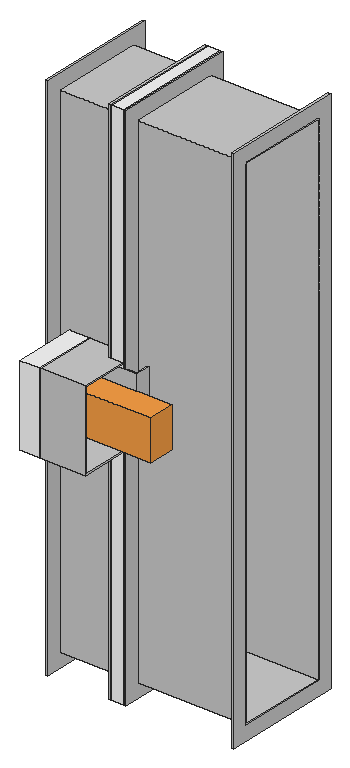
Revit family "204_ff6dc27fab7c4e9d907ed8712ea3d6", category Duct Accessories, Revit 2021
Family settings
  Round Connector Dimension = Use Diameter
  Part Type = Damper
  Work Plane-Based = No
  Always vertical = Yes
  Cut with Voids When Loaded = No
  Shared = No
Parameters (values of type "FDMA-180x1000-.40")
  magiProductId = "63c00f66e8e3438fa4595c9836deff"
  magiProductFamilyId = "ff6dc27fab7c4e9d907ed8712ea3d6"
  magiPartTypeId = 204
  ang2D [instance] = 0.00°
  W2D = 180 mm
  VersionID = "2.0/2020.12.21.1/MANDIK_FDMA_A_RECT_201"
  VIS0 = no
  URL = "https://www.mandik.cz/product-line/fire-fighting-technologies/fdma"
  R3 = 10 mm
  R2 = 15 mm
  R1 = 72 mm
  Productdata [instance] = "© MagiCAD Group, all rights reserved"
  Manufacturer = "Mandik"
  Maintenance Zone Front Depth [instance] = 100 mm
  Maintenance Zone Front Visibility [instance] = no
  MH__ve = -MH  # -53 mm
  MH2 = 140 mm
  MH1_2 = 80 mm
  MH1 = 160 mm
  MH = 53 mm
  MC Voltage = 230 V
  MC Product Code = "FDMA-180x1000-.40"
  MC Number of Poles = 1
  MC Material8 MAIN_MODEL = MC_255_255_255_0_50
  MC Material7 MAIN_MODEL = MC_255_128_0_0_50
  MC Material6 MAIN_MODEL = MC_255_255_255_0_50
  MC Material4 MAIN_MODEL = MC_210_210_210_0_50
  MC Material3 MAIN_MODEL = MC_191_191_191_0_50
  MC Material2 MAIN_MODEL = MC_191_191_191_60_50
  MC Material10 MAIN_MODEL = MC_166_124_83_0_50
  MC Material1 MAIN_MODEL = MC_0_0_0_0_50
  MC Enable LOD 350 = no
  MC Enable LOD 200 = no
  MC Eload Classification [instance] = Other
  MC CosPhi = 1
  MC Apparent Power = MC Active Power / MC CosPhi  # 5 VA
  MC Active Power = 5 W
  MB = 125 mm
  L_2 = 187.5 mm
  LLDONLY = not(BBVIS)  # yes
  LLDAndHLD = and(or(LLDONLY, MC Enable LOD 350), not(BBVIS))  # yes
  L3 = 110 mm
  L2_2 = 12.5 mm
  L2D = 375 mm
  L2 = 25 mm
  L1 = 130 mm
  L = 375 mm
  H_2 = 500 mm
  H2D = 1000 mm
  H1 = 990 mm
  H = 1000 mm
  FW1 = 49 mm
  FLL__ve = -FLL  # -5 mm
  FLL = 5 mm
  FL1 = 41 mm
  FL = 30 mm
  ENBL350 = and(MC Enable LOD 350, not(BBVIS))  # no
  Description = "Fire Damper"
  Default Elevation = 0 mm
  Clearance Zone Under Depth [instance] = 100 mm
  Clearance Zone Right Depth [instance] = 100 mm
  Clearance Zone Left Depth [instance] = 100 mm
  Clearance Zone Height Depth [instance] = 100 mm
  Clearance Zone Front Depth [instance] = 100 mm
  Clearance Zone Back Depth [instance] = 100 mm
  Clearance Zone Visibility [instance] = no
  CV = yes
  CH = 1000 mm
  CB = 180 mm
  CAT0 = yes
  CAT = no
  B_2 = 90 mm
  BBVIS = MC Enable LOD 200  # no
  B1_2 = 85 mm
  B1 = 170 mm
  B = 180 mm
  AV = yes
Reference planes
  plane 1 "Center (Front/Back)": y = 0
  plane 2 "XYPLANE": z = 0
  plane 3 "Center (Left/Right)": x = 0
  plane 4 "653": x = -122.5
  plane 5 "651": z = 78
  plane 6 "650": z = 80
  plane 7 "649": z = -78
  plane 8 "645": z = -80
  plane 9 "644": x = 95.5
  plane 10 "643": x = 65.5
  plane 11 "642": x = -94.5
  plane 12 "641": x = -45
  plane 13 "640": y = -122
  plane 14 "639": x = -7
  plane 15 "638": x = -5
  plane 16 "637": x = -90.5
  plane 17 "636": z = -70
  plane 18 "610": y = 89
  plane 19 "609": y = -89
  plane 20 "608": z = 499
  plane 21 "607": z = -499
  plane 22 "604": x = -12.5
  plane 23 "603": x = 167.5
  plane 24 "594": x = -77.5
  plane 25 "593": x = -32.5
  plane 26 "592": x = -57.5
  plane 27 "566": z = -40
  plane 28 "564": z = 40
  plane 29 "563": x = -92.5
  plane 30 "562": y = -213
  plane 31 "543": x = -72.5
  plane 32 "536": z = -508
  plane 33 "535": z = -506
  plane 34 "534": z = -503
  plane 35 "516": x = 65.5
  plane 36 "515": z = 508
  plane 37 "514": z = 506
  plane 38 "513": z = 503
  plane 39 "512": x = 55.5
  plane 40 "511": x = 72.5
  plane 41 "510": x = 25.5
  plane 42 "509": x = 15.5
  plane 43 "508": x = 5.5
  plane 44 "507": x = 77.5
  plane 45 "490": y = -315
  plane 46 "484": x = 287.5
  plane 47 "483": x = -287.5
  plane 48 "482": y = 220
  plane 49 "481": y = -315
  plane 50 "480": z = -630
  plane 51 "479": z = 630
  plane 52 "471": y = -148.5
  plane 53 "408": y = -175
  plane 54 "392": y = -215
  plane 55 "335": x = -167.5
  plane 56 "253": y = 120
  plane 57 "252": y = -120
  plane 58 "251": z = 530
  plane 59 "250": z = -530
  plane 60 "246": z = 501
  plane 61 "245": z = -501
  plane 62 "244": y = -91
  plane 63 "243": y = 91
  plane 64 "241": y = 90
  plane 65 "240": y = -90
  plane 66 "239": z = -500
  plane 67 "238": z = 500
  plane 68 "8": x = 187.5
  plane 69 "7": x = -187.5
  plane 70 "3": z = 0
  plane 71 "2": y = 0
  plane 72 "1": x = 0
  plane 73 "1168": through (95.5, -841, -80) normal (0.2588, 0, -0.9659)
Forms (mm)
  Extrusion 1, solid, material "MC_255_255_255_0_50" <- "MC Material6 MAIN_MODEL", visible <- "LLDAndHLD"
    sketch origin (-122.5, -750, 0) x (0, 1, 0) y (0, 0, 1)
      loop
        line (535, -80) -> (659, -80) -> (659, 80) -> (535, 80) -> (535, -80)
    from 0 to -40
  Extrusion 2, solid, material "MC_191_191_191_0_50" <- "MC Material3 MAIN_MODEL", visible <- "LLDAndHLD"
    sketch origin (-32.5, -750, 0) x (0, 1, 0) y (0, 0, 1)
      loop
        line (535, -80) -> (659, -80) -> (659, -78) -> (537, -78) -> (537, 78) -> (659, 78) -> (659, 80) -> (535, 80) -> (535, -80)
    from 0 to -90
  Extrusion 3, solid, material "MC_191_191_191_0_50" <- "MC Material3 MAIN_MODEL", visible <- "LLDAndHLD"
    sketch origin (-57.5, -750, 0) x (0, 1, 0) y (0, 0, 1)
      loop
        line (870, -530) -> (870, 530) -> (630, 530) -> (630, -530) -> (870, -530)
      loop
        line (841, -501) -> (841, 501) -> (659, 501) -> (659, -501) -> (841, -501)
    from 0 to -5 <- "FLL__ve"
  Extrusion 4, solid, material "MC_191_191_191_0_50" <- "MC Material3 MAIN_MODEL", visible <- "LLDAndHLD"
    sketch origin (-32.5, -750, 0) x (0, 1, 0) y (0, 0, 1)
      loop
        line (870, -530) -> (870, 530) -> (630, 530) -> (630, -530) -> (870, -530)
      loop
        line (841, -501) -> (841, 501) -> (659, 501) -> (659, -501) -> (841, -501)
    from 0 to 5 <- "FLL"
  Extrusion 5, solid, material "MC_255_255_255_0_50" <- "MC Material6 MAIN_MODEL", visible <- "LLDAndHLD"
    sketch origin (-57.5, -750, 0) x (0, 1, 0) y (0, 0, 1)
      loop
        line (870, -530) -> (870, 530) -> (630, 530) -> (630, -530) -> (870, -530)
      loop
        line (839, -499) -> (839, 499) -> (661, 499) -> (661, -499) -> (839, -499)
    from 0 to 25 <- "L2"
  Extrusion 6, solid, material "MC_191_191_191_0_50" <- "MC Material3 MAIN_MODEL", visible <- "ENBL350"
    sketch origin (750, -91, 0) x (-1, 0, 0) y (0, 0, 1)
      loop
        line (782.5, 501) -> (762.5, 530) -> (582.5, 530) -> (562.5, 501) -> (782.5, 501)
    from 0 to 2
  Extrusion 7, solid, material "MC_191_191_191_0_50" <- "MC Material3 MAIN_MODEL", visible <- "ENBL350"
    sketch origin (750, 91, 0) x (-1, 0, 0) y (0, 0, 1)
      loop
        line (782.5, 501) -> (762.5, 530) -> (582.5, 530) -> (562.5, 501) -> (782.5, 501)
    from 0 to -2
  Extrusion 8, solid, material "MC_191_191_191_0_50" <- "MC Material3 MAIN_MODEL", visible <- "ENBL350"
    sketch origin (750, 91, 0) x (-1, 0, 0) y (0, 0, 1)
      loop
        line (782.5, -501) -> (562.5, -501) -> (582.5, -530) -> (762.5, -530) -> (782.5, -501)
    from 0 to -2
  Extrusion 9, solid, material "MC_191_191_191_0_50" <- "MC Material3 MAIN_MODEL", visible <- "ENBL350"
    sketch origin (750, -91, 0) x (-1, 0, 0) y (0, 0, 1)
      loop
        line (782.5, -501) -> (562.5, -501) -> (582.5, -530) -> (762.5, -530) -> (782.5, -501)
    from 0 to 2
  Extrusion 10, solid, material "MC_191_191_191_0_50" <- "MC Material3 MAIN_MODEL", visible <- "LLDAndHLD"
    sketch origin (-750, 0, -70) x (1, 0, 0) y (0, 1, 0)
      loop
        line (745, -122) -> (745, -91) -> (743, -91) -> (743, -120) -> (659.5, -120) -> (659.5, -91) -> (657.5, -91) -> (657.5, -122) -> (745, -122)
    from 0 to 140 <- "MH2"
  Revolve 11, solid, material "MC_191_191_191_0_50" <- "MC Material3 MAIN_MODEL", visible <- "ENBL350"
    sketch origin (5.5, 0, -501) x (0, 0, 1) y (1, 0, 0)
      loop
        line (0, 0) -> (0, 10) -> (-5, 20) -> (-5, 50) -> (0, 60) -> (0, 67) -> (-2, 67) -> (-2, 60) -> (-7, 50) -> (-7, 20) -> (-2, 10) -> (-2, 0) -> (0, 0)
      axis (-7, 72) -> (0, 72)
    angle from 0 to -360
  Extrusion 12, solid, material "MC_191_191_191_0_50" <- "MC Material3 MAIN_MODEL", visible <- "ENBL350"
    sketch origin (-750, 0, -503) x (1, 0, 0) y (0, 1, 0)
      loop
        circle (827.5, 0) r 5
    from 0 to -25
  Extrusion 13, solid, material "MC_191_191_191_0_50" <- "MC Material3 MAIN_MODEL", visible <- "ENBL350"
    sketch origin (-750, 0, 503) x (1, 0, 0) y (0, 1, 0)
      loop
        circle (827.5, 0) r 5
    from 0 to 25
  Revolve 14, solid, material "MC_191_191_191_0_50" <- "MC Material3 MAIN_MODEL", visible <- "ENBL350"
    sketch origin (5.5, 0, 501) x (0, 0, -1) y (1, 0, 0)
      loop
        line (0, 0) -> (0, 10) -> (-5, 20) -> (-5, 50) -> (0, 60) -> (0, 67) -> (-2, 67) -> (-2, 60) -> (-7, 50) -> (-7, 20) -> (-2, 10) -> (-2, 0) -> (0, 0)
      axis (-7, 72) -> (0, 72)
    angle from 0 to -360
  Blend 15, solid, material "MC_191_191_191_60_50" <- "MC Material2 MAIN_MODEL", visible <- "Maintenance Zone Front Visibility"
    base sketch origin (750, -120, 0) x (-1, 0, 0) y (0, 0, 1)
      loop
        line (937.5, -530) -> (937.5, 530) -> (562.5, 530) -> (562.5, -530) -> (937.5, -530)
    top sketch origin (750, -120, 0) x (-1, 0, 0) y (0, 0, 1)
      loop
        line (937.5, -530) -> (937.5, 530) -> (562.5, 530) -> (562.5, -530) -> (937.5, -530)
    from 0 to -195
  Blend 16, solid, material "MC_191_191_191_60_50" <- "MC Material2 MAIN_MODEL", visible <- "Clearance Zone Visibility"
    base sketch origin (-287.5, -750, 0) x (0, 1, 0) y (0, 0, 1)
      loop
        line (970, -630) -> (970, 630) -> (435, 630) -> (435, -630) -> (970, -630)
    top sketch origin (-287.5, -750, 0) x (0, 1, 0) y (0, 0, 1)
      loop
        line (970, -630) -> (970, 630) -> (435, 630) -> (435, -630) -> (970, -630)
    from 0 to 575
  Extrusion 17, solid, material "MC_255_128_0_0_50" <- "MC Material7 MAIN_MODEL", visible <- "LLDONLY"
    sketch origin (750, -122, 0) x (-1, 0, 0) y (0, 0, 1)
      loop
        line (684.5, -40) -> (844.5, -40) -> (844.5, 40) -> (684.5, 40) -> (684.5, -40)
    from 0 to -53 <- "MH__ve"
  Extrusion 18, solid, material "MC_191_191_191_0_50" <- "MC Material3 MAIN_MODEL", visible <- "LLDAndHLD"
    sketch origin (-187.5, -750, 0) x (0, 1, 0) y (0, 0, 1)
      loop
        line (841, -501) -> (841, 501) -> (659, 501) -> (659, -501) -> (841, -501)
      loop
        line (840, -500) -> (840, 500) -> (660, 500) -> (660, -500) -> (840, -500)
    from 0 to 375 <- "L"
  Extrusion 19, solid, material "MC_191_191_191_0_50" <- "MC Material3 MAIN_MODEL", visible <- "ENBL350"
    sketch origin (750, 91, 0) x (-1, 0, 0) y (0, 0, 1)
      loop
        line (937.5, -501) -> (807.5, -501) -> (827.5, -530) -> (917.5, -530) -> (937.5, -501)
    from 0 to -2
  Extrusion 20, solid, material "MC_191_191_191_0_50" <- "MC Material3 MAIN_MODEL", visible <- "ENBL350"
    sketch origin (750, -91, 0) x (-1, 0, 0) y (0, 0, 1)
      loop
        line (937.5, -501) -> (807.5, -501) -> (827.5, -530) -> (917.5, -530) -> (937.5, -501)
    from 0 to 2
  Extrusion 21, solid, material "MC_191_191_191_0_50" <- "MC Material3 MAIN_MODEL", visible <- "ENBL350"
    sketch origin (750, 91, 0) x (-1, 0, 0) y (0, 0, 1)
      loop
        line (937.5, 501) -> (917.5, 530) -> (827.5, 530) -> (807.5, 501) -> (937.5, 501)
    from 0 to -2
  Extrusion 22, solid, material "MC_191_191_191_0_50" <- "MC Material3 MAIN_MODEL", visible <- "ENBL350"
    sketch origin (750, -91, 0) x (-1, 0, 0) y (0, 0, 1)
      loop
        line (937.5, 501) -> (917.5, 530) -> (827.5, 530) -> (807.5, 501) -> (937.5, 501)
    from 0 to 2
  Extrusion 23, solid, material "MC_191_191_191_0_50" <- "MC Material3 MAIN_MODEL", visible <- "LLDAndHLD"
    sketch origin (187.5, -750, 0) x (0, 1, 0) y (0, 0, 1)
      loop
        line (870, -530) -> (870, 530) -> (630, 530) -> (630, -530) -> (870, -530)
      loop
        line (841, -501) -> (841, 501) -> (659, 501) -> (659, -501) -> (841, -501)
    from 0 to -5 <- "FLL__ve"
  Extrusion 24, solid, material "MC_191_191_191_0_50" <- "MC Material3 MAIN_MODEL", visible <- "LLDAndHLD"
    sketch origin (-187.5, -750, 0) x (0, 1, 0) y (0, 0, 1)
      loop
        line (870, -530) -> (870, 530) -> (630, 530) -> (630, -530) -> (870, -530)
      loop
        line (841, -501) -> (841, 501) -> (659, 501) -> (659, -501) -> (841, -501)
    from 0 to 5 <- "FLL"
  Blend 25, solid, visible <- "BBVIS"
    base sketch origin (-187.5, -750, 0) x (0, 1, 0) y (0, 0, 1)
      loop
        line (870, -530) -> (870, 530) -> (535, 530) -> (535, -530) -> (870, -530)
    top sketch origin (-187.5, -750, 0) x (0, 1, 0) y (0, 0, 1)
      loop
        line (870, -530) -> (870, 530) -> (535, 530) -> (535, -530) -> (870, -530)
    from 0 to 375
  Extrusion 26, solid, not visible
    sketch origin (187.5, -750, 0) x (0, 1, 0) y (0, 0, 1)
      loop
        circle (750, 0) r 10
    from 0 to -10
  Extrusion 27, solid, not visible
    sketch origin (-187.5, -750, 0) x (0, 1, 0) y (0, 0, 1)
      loop
        circle (750, 0) r 10
    from 0 to 10
  Extrusion 28, solid, not visible
    sketch origin (65.5, -750, 0) x (0, 1, 0) y (0, 0, 1)
      loop
        circle (601.5, 0) r 10
    from 0 to -10
Lines and regions (mm)
  reference lines, not visible
    curve 1: circle (2, 2, 0) r 1 normal (0, 0, 1)
  reference lines
    curve 2: circle (95.5, -91, -80) r 1 normal (0, -1, 0)
Dimensions and locks
  plane 1 "Center (Front/Back)" to curve 1 = 2 mm
  locked: plane 25 "593" to plane 4 "653" at 90
  locked: plane 6 "650" to plane 5 "651" at 2
  "MH1_2": plane 70 "3" to plane 6 "650"
  locked: plane 8 "645" to plane 7 "649" at 2
  "MH1_2": plane 70 "3" to plane 8 "645"
  locked: plane 10 "643" to plane 9 "644" at 30
  locked: plane 11 "642" to plane 10 "643" at 160
  locked: plane 31 "543" to plane 11 "642" at 22
  "L2_2": plane 26 "592" to plane 12 "641"
  locked: plane 57 "252" to plane 13 "640" at 2
  locked: plane 15 "638" to plane 14 "639" at 2
  locked: plane 12 "641" to plane 15 "638" at 40
  locked: plane 29 "563" to plane 16 "637" at 2
  locked: plane 8 "645" to plane 17 "636" at 10
  locked: plane 64 "241" to plane 18 "610" at 1
  locked: plane 65 "240" to plane 19 "609" at 1
  locked: plane 67 "238" to plane 20 "608" at 1
  locked: plane 66 "239" to plane 21 "607" at 1
  locked: plane 25 "593" to plane 22 "604" at 20
  locked: plane 68 "8" to plane 23 "603" at 20
  locked: plane 26 "592" to plane 24 "594" at 20
  "L2": plane 26 "592" to plane 25 "593"
  "L1": plane 69 "7" to plane 26 "592"
  locked: plane 70 "3" to plane 27 "566" at 40
  locked: plane 70 "3" to plane 28 "564" at 40
  locked: plane 31 "543" to plane 29 "563" at 20
  locked: plane 54 "392" to plane 30 "562" at 2
  locked: plane 26 "592" to plane 31 "543" at 15
  locked: plane 33 "535" to plane 32 "536" at 2
  locked: plane 34 "534" to plane 33 "535" at 3
  locked: plane 61 "245" to plane 34 "534" at 2
  locked: plane 39 "512" to plane 35 "516" at 10
  locked: plane 37 "514" to plane 36 "515" at 2
  locked: plane 38 "513" to plane 37 "514" at 3
  locked: plane 60 "246" to plane 38 "513" at 2
  locked: plane 41 "510" to plane 39 "512" at 30
  locked: plane 44 "507" to plane 40 "511" at 5
  locked: plane 42 "509" to plane 41 "510" at 10
  locked: plane 43 "508" to plane 42 "509" at 10
  "R1": plane 44 "507" to plane 43 "508"
  "L3": plane 68 "8" to plane 44 "507"
  "Maintenance Zone Front Depth": plane 54 "392" to plane 45 "490"
  "Clearance Zone Right Depth": plane 68 "8" to plane 46 "484"
  "Clearance Zone Left Depth": plane 69 "7" to plane 47 "483"
  "Clearance Zone Back Depth": plane 56 "253" to plane 48 "482"
  "Clearance Zone Front Depth": plane 54 "392" to plane 49 "481"
  "Clearance Zone Under Depth": plane 59 "250" to plane 50 "480"
  "Clearance Zone Height Depth": plane 58 "251" to plane 51 "479"
  locked: plane 53 "408" to plane 52 "471" at 26.5
  "MH": plane 13 "640" to plane 53 "408"
  "MB": plane 65 "240" to plane 54 "392"
  locked: plane 69 "7" to plane 55 "335" at 20
  "FL": plane 64 "241" to plane 56 "253"
  "FL": plane 65 "240" to plane 57 "252"
  "FL": plane 67 "238" to plane 58 "251"
  "FL": plane 66 "239" to plane 59 "250"
  locked: plane 67 "238" to plane 60 "246" at 1
  locked: plane 66 "239" to plane 61 "245" at 1
  locked: plane 65 "240" to plane 62 "244" at 1
  locked: plane 64 "241" to plane 63 "243" at 1
  "B_2": plane 71 "2" to plane 64 "241"
  "B_2": plane 71 "2" to plane 65 "240"
  "H_2": plane 70 "3" to plane 66 "239"
  "H_2": plane 70 "3" to plane 67 "238"
  "L_2": plane 72 "1" to plane 68 "8"
  "L_2": plane 72 "1" to plane 69 "7"
  locked: plane 2 "XYPLANE" to plane 70 "3"
  locked: plane 1 "Center (Front/Back)" to plane 71 "2"
  locked: plane 3 "Center (Left/Right)" to plane 72 "1"
  Extrusion 1 sketch curve to Extrusion 1 sketch curve = 0 mm  (x8)
  Extrusion 2 sketch curve to Extrusion 2 sketch curve = 0 mm  (x16)
  Extrusion 3 sketch curve to Extrusion 3 sketch curve = 0 mm  (x16)
  Extrusion 4 sketch curve to Extrusion 4 sketch curve = 0 mm  (x16)
  Extrusion 5 sketch curve to Extrusion 5 sketch curve = 0 mm  (x16)
  Extrusion 6 sketch curve to Extrusion 6 sketch curve = 0 mm  (x8)
  Extrusion 7 sketch curve to Extrusion 7 sketch curve = 0 mm  (x8)
  Extrusion 8 sketch curve to Extrusion 8 sketch curve = 0 mm  (x8)
  Extrusion 9 sketch curve to Extrusion 9 sketch curve = 0 mm  (x8)
  Extrusion 10 sketch curve to Extrusion 10 sketch curve = 0 mm  (x16)
  Revolve 11 sketch curve to Revolve 11 sketch curve = 0 mm  (x24)
  Revolve 14 sketch curve to Revolve 14 sketch curve = 0 mm  (x24)
  Blend 15 sketch curve to Blend 15 sketch curve = 0 mm  (x16)
  Blend 16 sketch curve to Blend 16 sketch curve = 0 mm  (x16)
  Extrusion 17 sketch curve to Extrusion 17 sketch curve = 0 mm  (x8)
  Extrusion 18 sketch curve to Extrusion 18 sketch curve = 0 mm  (x16)
  Extrusion 19 sketch curve to Extrusion 19 sketch curve = 0 mm  (x8)
  Extrusion 20 sketch curve to Extrusion 20 sketch curve = 0 mm  (x8)
  Extrusion 21 sketch curve to Extrusion 21 sketch curve = 0 mm  (x8)
  Extrusion 22 sketch curve to Extrusion 22 sketch curve = 0 mm  (x8)
  Extrusion 23 sketch curve to Extrusion 23 sketch curve = 0 mm  (x16)
  Extrusion 24 sketch curve to Extrusion 24 sketch curve = 0 mm  (x16)
  Blend 25 sketch curve to Blend 25 sketch curve = 0 mm  (x16)
  locked: nested 1 to plane 9 "644"
  locked: nested 1 to plane 62 "244"
  "R3": diameter of Extrusion 12 sketch curve
  "R3": diameter of Extrusion 13 sketch curve
  aligned and locked: level to plane 2 "XYPLANE"
  aligned and locked: Extrusion 1 sketch curve to plane 8 "645"
  aligned and locked: Extrusion 1 sketch curve to plane 54 "392"
  aligned and locked: Extrusion 1 sketch curve to plane 62 "244"
  aligned and locked: plane 8 "645" to Extrusion 1 sketch curve
  aligned and locked: plane 6 "650" to Extrusion 1 sketch curve  (x2)
  aligned and locked: plane 62 "244" to Extrusion 1 sketch curve
  aligned and locked: plane 54 "392" to Extrusion 1 sketch curve
  aligned and locked: Extrusion 2 sketch curve to plane 8 "645"
  aligned and locked: Extrusion 2 sketch curve to plane 54 "392"
  aligned and locked: Extrusion 2 sketch curve to plane 62 "244"  (x2)
  aligned and locked: plane 8 "645" to Extrusion 2 sketch curve
  aligned and locked: plane 7 "649" to Extrusion 2 sketch curve  (x2)
  aligned and locked: Extrusion 2 sketch curve to plane 30 "562"
  aligned and locked: plane 5 "651" to Extrusion 2 sketch curve  (x2)
  aligned and locked: plane 30 "562" to Extrusion 2 sketch curve
  aligned and locked: plane 62 "244" to Extrusion 2 sketch curve  (x2)
  aligned and locked: plane 6 "650" to Extrusion 2 sketch curve  (x2)
  aligned and locked: plane 54 "392" to Extrusion 2 sketch curve
  aligned and locked: plane 59 "250" to Extrusion 3 sketch curve  (x2)
  aligned and locked: Extrusion 3 sketch curve to plane 56 "253"
  aligned and locked: Extrusion 3 sketch curve to plane 57 "252"
  aligned and locked: plane 58 "251" to Extrusion 3 sketch curve  (x2)
  aligned and locked: plane 57 "252" to Extrusion 3 sketch curve
  aligned and locked: plane 56 "253" to Extrusion 3 sketch curve
  aligned and locked: plane 61 "245" to Extrusion 3 sketch curve  (x2)
  aligned and locked: Extrusion 3 sketch curve to plane 63 "243"
  aligned and locked: Extrusion 3 sketch curve to plane 62 "244"
  aligned and locked: plane 60 "246" to Extrusion 3 sketch curve  (x2)
  aligned and locked: plane 62 "244" to Extrusion 3 sketch curve
  aligned and locked: plane 63 "243" to Extrusion 3 sketch curve
  aligned and locked: plane 59 "250" to Extrusion 4 sketch curve  (x2)
  aligned and locked: Extrusion 4 sketch curve to plane 56 "253"
  aligned and locked: Extrusion 4 sketch curve to plane 57 "252"
  aligned and locked: plane 58 "251" to Extrusion 4 sketch curve  (x2)
  aligned and locked: plane 57 "252" to Extrusion 4 sketch curve
  aligned and locked: plane 56 "253" to Extrusion 4 sketch curve
  aligned and locked: plane 61 "245" to Extrusion 4 sketch curve  (x2)
  aligned and locked: Extrusion 4 sketch curve to plane 63 "243"
  aligned and locked: Extrusion 4 sketch curve to plane 62 "244"
  aligned and locked: plane 60 "246" to Extrusion 4 sketch curve  (x2)
  aligned and locked: plane 62 "244" to Extrusion 4 sketch curve
  aligned and locked: plane 63 "243" to Extrusion 4 sketch curve
  aligned and locked: plane 59 "250" to Extrusion 5 sketch curve  (x2)
  aligned and locked: Extrusion 5 sketch curve to plane 56 "253"
  aligned and locked: Extrusion 5 sketch curve to plane 57 "252"
  aligned and locked: plane 58 "251" to Extrusion 5 sketch curve  (x2)
  aligned and locked: plane 57 "252" to Extrusion 5 sketch curve
  aligned and locked: plane 56 "253" to Extrusion 5 sketch curve
  aligned and locked: plane 21 "607" to Extrusion 5 sketch curve  (x2)
  aligned and locked: Extrusion 5 sketch curve to plane 18 "610"
  aligned and locked: Extrusion 5 sketch curve to plane 19 "609"
  aligned and locked: plane 20 "608" to Extrusion 5 sketch curve  (x2)
  aligned and locked: plane 19 "609" to Extrusion 5 sketch curve
  aligned and locked: plane 18 "610" to Extrusion 5 sketch curve
  aligned and locked: Extrusion 6 sketch curve to plane 60 "246"
  aligned and locked: plane 25 "593" to Extrusion 6 sketch curve
  aligned and locked: plane 68 "8" to Extrusion 6 sketch curve
  aligned and locked: plane 60 "246" to Extrusion 6 sketch curve
  aligned and locked: plane 23 "603" to Extrusion 6 sketch curve
  aligned and locked: plane 58 "251" to Extrusion 6 sketch curve  (x2)
  aligned and locked: plane 22 "604" to Extrusion 6 sketch curve
  aligned and locked: Extrusion 7 sketch curve to plane 60 "246"
  aligned and locked: plane 25 "593" to Extrusion 7 sketch curve
  aligned and locked: plane 68 "8" to Extrusion 7 sketch curve
  aligned and locked: plane 60 "246" to Extrusion 7 sketch curve
  aligned and locked: plane 23 "603" to Extrusion 7 sketch curve
  aligned and locked: plane 58 "251" to Extrusion 7 sketch curve  (x2)
  aligned and locked: plane 22 "604" to Extrusion 7 sketch curve
  aligned and locked: Extrusion 8 sketch curve to plane 61 "245"
  aligned and locked: Extrusion 8 sketch curve to plane 25 "593"
  aligned and locked: Extrusion 8 sketch curve to plane 68 "8"
  aligned and locked: plane 61 "245" to Extrusion 8 sketch curve
  aligned and locked: Extrusion 8 sketch curve to plane 23 "603"
  aligned and locked: plane 59 "250" to Extrusion 8 sketch curve  (x2)
  aligned and locked: Extrusion 8 sketch curve to plane 22 "604"
  aligned and locked: Extrusion 9 sketch curve to plane 61 "245"
  aligned and locked: Extrusion 9 sketch curve to plane 25 "593"
  aligned and locked: Extrusion 9 sketch curve to plane 68 "8"
  aligned and locked: plane 61 "245" to Extrusion 9 sketch curve
  aligned and locked: Extrusion 9 sketch curve to plane 23 "603"
  aligned and locked: plane 59 "250" to Extrusion 9 sketch curve  (x2)
  aligned and locked: Extrusion 9 sketch curve to plane 22 "604"
  aligned and locked: plane 8 "645" to curve 2
  aligned and locked: curve 2 to plane 9 "644"
  aligned and locked: plane 15 "638" to Extrusion 10 sketch curve  (x2)
  aligned and locked: plane 13 "640" to Extrusion 10 sketch curve  (x2)
  aligned and locked: plane 62 "244" to Extrusion 10 sketch curve  (x4)
  aligned and locked: plane 14 "639" to Extrusion 10 sketch curve  (x2)
  aligned and locked: plane 57 "252" to Extrusion 10 sketch curve  (x2)
  aligned and locked: plane 16 "637" to Extrusion 10 sketch curve  (x2)
  aligned and locked: plane 29 "563" to Extrusion 10 sketch curve  (x2)
  aligned and locked: Revolve 11 sketch curve to plane 61 "245"
  aligned and locked: Revolve 11 sketch curve to plane 43 "508"  (x2)
  aligned and locked: Revolve 11 sketch curve to plane 42 "509"  (x2)
  aligned and locked: plane 61 "245" to Revolve 11 sketch curve  (x4)
  aligned and locked: plane 33 "535" to Revolve 11 sketch curve  (x2)
  aligned and locked: Revolve 11 sketch curve to plane 41 "510"  (x2)
  aligned and locked: Revolve 11 sketch curve to plane 39 "512"  (x2)
  aligned and locked: Revolve 11 sketch curve to plane 35 "516"  (x2)
  aligned and locked: Revolve 11 sketch curve to plane 40 "511"  (x2)
  aligned and locked: plane 34 "534" to Revolve 11 sketch curve  (x4)
  aligned and locked: plane 32 "536" to Revolve 11 sketch curve  (x3)
  aligned and locked: plane 44 "507" to Extrusion 12 sketch curve
  aligned and locked: plane 71 "2" to Extrusion 12 sketch curve
  aligned and locked: plane 44 "507" to Extrusion 13 sketch curve
  aligned and locked: plane 71 "2" to Extrusion 13 sketch curve
  aligned and locked: Revolve 14 sketch curve to plane 60 "246"
  aligned and locked: plane 43 "508" to Revolve 14 sketch curve  (x2)
  aligned and locked: plane 42 "509" to Revolve 14 sketch curve  (x2)
  aligned and locked: plane 60 "246" to Revolve 14 sketch curve  (x4)
  aligned and locked: plane 37 "514" to Revolve 14 sketch curve  (x2)
  aligned and locked: plane 41 "510" to Revolve 14 sketch curve  (x2)
  aligned and locked: plane 39 "512" to Revolve 14 sketch curve  (x2)
  aligned and locked: plane 35 "516" to Revolve 14 sketch curve  (x2)
  aligned and locked: plane 40 "511" to Revolve 14 sketch curve  (x2)
  aligned and locked: plane 38 "513" to Revolve 14 sketch curve  (x4)
  aligned and locked: plane 36 "515" to Revolve 14 sketch curve  (x3)
  aligned and locked: Blend 15 sketch curve to plane 59 "250"  (x2)
  aligned and locked: Blend 15 sketch curve to plane 69 "7"  (x2)
  aligned and locked: Blend 15 sketch curve to plane 68 "8"  (x2)
  aligned and locked: plane 59 "250" to Blend 15 sketch curve  (x2)
  aligned and locked: plane 58 "251" to Blend 15 sketch curve  (x4)
  aligned and locked: plane 68 "8" to Blend 15 sketch curve  (x2)
  aligned and locked: plane 69 "7" to Blend 15 sketch curve  (x2)
  aligned and locked: Blend 15 to plane 45 "490"
  aligned and locked: plane 50 "480" to Blend 16 sketch curve  (x4)
  aligned and locked: Blend 16 sketch curve to plane 48 "482"  (x2)
  aligned and locked: Blend 16 sketch curve to plane 49 "481"  (x2)
  aligned and locked: plane 51 "479" to Blend 16 sketch curve  (x4)
  aligned and locked: plane 49 "481" to Blend 16 sketch curve  (x2)
  aligned and locked: plane 48 "482" to Blend 16 sketch curve  (x2)
  aligned and locked: plane 46 "484" to Blend 16
  aligned and locked: Extrusion 17 sketch curve to plane 10 "643"
  aligned and locked: plane 27 "566" to Extrusion 17 sketch curve  (x2)
  aligned and locked: plane 28 "564" to Extrusion 17 sketch curve  (x2)
  aligned and locked: plane 10 "643" to Extrusion 17 sketch curve
  aligned and locked: plane 11 "642" to Extrusion 17 sketch curve
  aligned and locked: Extrusion 17 sketch curve to plane 11 "642"
  aligned and locked: plane 61 "245" to Extrusion 18 sketch curve  (x2)
  aligned and locked: Extrusion 18 sketch curve to plane 63 "243"
  aligned and locked: Extrusion 18 sketch curve to plane 62 "244"
  aligned and locked: plane 60 "246" to Extrusion 18 sketch curve  (x2)
  aligned and locked: plane 62 "244" to Extrusion 18 sketch curve
  aligned and locked: plane 63 "243" to Extrusion 18 sketch curve
  aligned and locked: plane 66 "239" to Extrusion 18 sketch curve  (x2)
  aligned and locked: Extrusion 18 sketch curve to plane 64 "241"
  aligned and locked: Extrusion 18 sketch curve to plane 65 "240"
  aligned and locked: plane 67 "238" to Extrusion 18 sketch curve  (x2)
  aligned and locked: plane 65 "240" to Extrusion 18 sketch curve
  aligned and locked: plane 64 "241" to Extrusion 18 sketch curve
  aligned and locked: Extrusion 19 sketch curve to plane 61 "245"
  aligned and locked: Extrusion 19 sketch curve to plane 69 "7"
  aligned and locked: Extrusion 19 sketch curve to plane 26 "592"
  aligned and locked: plane 61 "245" to Extrusion 19 sketch curve
  aligned and locked: Extrusion 19 sketch curve to plane 24 "594"
  aligned and locked: plane 59 "250" to Extrusion 19 sketch curve  (x2)
  aligned and locked: Extrusion 19 sketch curve to plane 55 "335"
  aligned and locked: Extrusion 20 sketch curve to plane 61 "245"
  aligned and locked: Extrusion 20 sketch curve to plane 69 "7"
  aligned and locked: Extrusion 20 sketch curve to plane 26 "592"
  aligned and locked: plane 61 "245" to Extrusion 20 sketch curve
  aligned and locked: Extrusion 20 sketch curve to plane 24 "594"
  aligned and locked: plane 59 "250" to Extrusion 20 sketch curve  (x2)
  aligned and locked: Extrusion 20 sketch curve to plane 55 "335"
  aligned and locked: Extrusion 21 sketch curve to plane 60 "246"
  aligned and locked: plane 69 "7" to Extrusion 21 sketch curve
  aligned and locked: plane 26 "592" to Extrusion 21 sketch curve
  aligned and locked: plane 60 "246" to Extrusion 21 sketch curve
  aligned and locked: plane 24 "594" to Extrusion 21 sketch curve
  aligned and locked: plane 58 "251" to Extrusion 21 sketch curve  (x2)
  aligned and locked: plane 55 "335" to Extrusion 21 sketch curve
  aligned and locked: Extrusion 22 sketch curve to plane 60 "246"
  aligned and locked: plane 69 "7" to Extrusion 22 sketch curve
  aligned and locked: plane 26 "592" to Extrusion 22 sketch curve
  aligned and locked: plane 60 "246" to Extrusion 22 sketch curve
  aligned and locked: plane 24 "594" to Extrusion 22 sketch curve
  aligned and locked: plane 58 "251" to Extrusion 22 sketch curve  (x2)
  aligned and locked: plane 55 "335" to Extrusion 22 sketch curve
  aligned and locked: plane 59 "250" to Extrusion 23 sketch curve  (x2)
  aligned and locked: Extrusion 23 sketch curve to plane 56 "253"
  aligned and locked: Extrusion 23 sketch curve to plane 57 "252"
  aligned and locked: plane 58 "251" to Extrusion 23 sketch curve  (x2)
  aligned and locked: plane 57 "252" to Extrusion 23 sketch curve
  aligned and locked: plane 56 "253" to Extrusion 23 sketch curve
  aligned and locked: plane 61 "245" to Extrusion 23 sketch curve  (x2)
  aligned and locked: Extrusion 23 sketch curve to plane 63 "243"
  aligned and locked: Extrusion 23 sketch curve to plane 62 "244"
  aligned and locked: plane 60 "246" to Extrusion 23 sketch curve  (x2)
  aligned and locked: plane 62 "244" to Extrusion 23 sketch curve
  aligned and locked: plane 63 "243" to Extrusion 23 sketch curve
  aligned and locked: plane 59 "250" to Extrusion 24 sketch curve  (x2)
  aligned and locked: Extrusion 24 sketch curve to plane 56 "253"
  aligned and locked: Extrusion 24 sketch curve to plane 57 "252"
  aligned and locked: plane 58 "251" to Extrusion 24 sketch curve  (x2)
  aligned and locked: plane 57 "252" to Extrusion 24 sketch curve
  aligned and locked: plane 56 "253" to Extrusion 24 sketch curve
  aligned and locked: plane 61 "245" to Extrusion 24 sketch curve  (x2)
  aligned and locked: Extrusion 24 sketch curve to plane 63 "243"
  aligned and locked: Extrusion 24 sketch curve to plane 62 "244"
  aligned and locked: plane 60 "246" to Extrusion 24 sketch curve  (x2)
  aligned and locked: plane 62 "244" to Extrusion 24 sketch curve
  aligned and locked: plane 63 "243" to Extrusion 24 sketch curve
  aligned and locked: Blend 25 sketch curve to plane 56 "253"  (x2)
  aligned and locked: plane 59 "250" to Blend 25 sketch curve  (x4)
  aligned and locked: plane 58 "251" to Blend 25 sketch curve  (x4)
  aligned and locked: plane 56 "253" to Blend 25 sketch curve  (x2)
  aligned and locked: plane 54 "392" to Blend 25 sketch curve  (x2)
  aligned and locked: Blend 25 sketch curve to plane 54 "392"  (x2)
  aligned and locked: plane 68 "8" to Blend 25
  aligned and locked: plane 70 "3" to Extrusion 26 sketch curve
  aligned and locked: Extrusion 26 sketch curve to plane 71 "2"
  aligned and locked: plane 70 "3" to Extrusion 27 sketch curve
  aligned and locked: Extrusion 27 sketch curve to plane 71 "2"
  aligned and locked: Extrusion 28 sketch curve to plane 52 "471"
  aligned and locked: plane 70 "3" to Extrusion 28 sketch curve
  aligned and locked: plane 31 "543" to nested 2
  aligned and locked: plane 70 "3" to nested 2
Automatic sketch dimensions
  Revolve 11 sketch curve to plane 44 "507" = 0 mm
  Revolve 14 sketch curve to plane 44 "507" = 0 mm
  plane 1 "Center (Front/Back)" to Extrusion 26 sketch curve = 10 mm
  plane 1 "Center (Front/Back)" to Extrusion 27 sketch curve = 10 mm
  Extrusion 28 sketch curve to level = 10 mm
  plane 3 "Center (Left/Right)" to curve 1 = 2 mm
  radius of curve 2 = 1 mm
  radius of curve 1 = 1 mm
Nested families
  nested 1: "0_2" at (95.5, -91, -80) x (-0.9659, 0, -0.2588) z (0.2588, 0, -0.9659), MC Material1 _subm_fuse_belimo <- "MC Material7 MAIN_MODEL", MC Material2 _subm_fuse_belimo <- "MC Material1 MAIN_MODEL", type "Size1"
    with W_2 24.5 mm, W1 19 mm, W 49 mm, R2 5 mm, R1 6 mm, R 10 mm, ModelLinesVisible no, MC Material2 _subm_fuse_belimo MC_0_0_0_0_50, MC Material1 _subm_fuse_belimo MC_255_128_0_0_50, L_2 20.5 mm, L 41 mm, H2_2 11.5 mm, H2 23 mm, H1__ve -12 mm, H1 12 mm, H 29 mm
  nested 2: "0_1" at (-72.5, -122, 0) x (1, 0, 0) z (0, -1, 0), H <- "MH", MC Material1 _subm_bfl_belimo <- "MC Material7 MAIN_MODEL", MC Material3 _subm_bfl_belimo <- "MC Material1 MAIN_MODEL", MC Material4 _subm_bfl_belimo <- "MC Material10 MAIN_MODEL", type "Size1"
    with W_2 40 mm, W2 20 mm, W1 25 mm, W 80 mm, R6 8 mm, R5 12 mm, R4 4 mm, R3 6 mm, R2 20 mm, R1 18 mm, R 7 mm, ModelLinesVisible no, MC Material4 _subm_bfl_belimo MC_166_124_83_0_50, MC Material3 _subm_bfl_belimo MC_0_0_0_0_50, MC Material1 _subm_bfl_belimo MC_255_128_0_0_50, L 160 mm, H4 20 mm, H3 3.1 mm, H2__ve -4.2 mm, H2 4.2 mm, H1 49 mm, H 53 mm, CenSd_R_8 6.467 mm
Connectors
  hvac at (-187.5, 0, 0), driven by "B", driven by "H"
    settings: on Extrusion 27, index 1, duct flow 0.0 L/s, flow factor 0, pres drop 0.0 Pa, loss coef 0, conn angle 0.00°, conn width 180 mm, conn height 1000 mm, conn diameter 609.6 mm, duct sys type 29, conn prof type 1, flow config 0, flow direction 0, loss method 0, conn ref index 2, conn util no, is conn primary yes, conn desc ""
  hvac at (187.5, 0, 0), driven by "B", driven by "H"
    settings: on Extrusion 26, index 2, duct flow 0.0 L/s, flow factor 0, pres drop 0.0 Pa, loss coef 0, conn angle 0.00°, conn width 180 mm, conn height 1000 mm, conn diameter 609.6 mm, duct sys type 29, conn prof type 1, flow config 0, flow direction 0, loss method 0, conn ref index 1, conn util no, is conn primary no, conn desc ""
  electrical at (65.5, -148.5, 0), driven by "MC Apparent Power", driven by "MC Number of Poles", driven by "MC CosPhi", driven by "MC Voltage", driven by "MC Eload Classification"
    settings: on Extrusion 28, index 3, voltage 230 V, apparent load 5 VA, apparent load phase1 0 VA, apparent load phase2 0 VA, apparent load phase3 0 VA, power factor 1, load classification "Other", number of poles 1, system type 30, power factor state 1, is connector primary yes, connector utility no, sub classification motor no, connector description ""
Definition of nested family "0_2"
  Parameters (values of type "Size1")
    W_2 [instance] = W / 2  # 24.5 mm
    W1 [instance] = W - 26 mm - 4 mm  # 19 mm
    W [instance] = 49 mm
    R2 [instance] = 5 mm  # constant formula
    R1 [instance] = 6 mm  # constant formula
    R [instance] = 10 mm  # constant formula
    ModelLinesVisible [instance] = yes
    MC Material2 _subm_fuse_belimo [instance] = none
    MC Material1 _subm_fuse_belimo [instance] = none
    L_2 [instance] = L / 2  # 20.5 mm
    LLDONLY = yes
    LLDAndHLD = yes
    L [instance] = 41 mm
    H2_2 [instance] = H2 / 2  # 11.5 mm
    H2 [instance] = H - 6 mm  # 23 mm
    H1__ve [instance] = -H1  # -12 mm
    H1 [instance] = H - 17 mm  # 12 mm
    H [instance] = 29 mm
    ENBL350 = yes
    Description = "2018-08-24"
    Default Elevation = 1219.2 mm
  Reference planes
    plane 1 "Center (Front/Back)": y = 0
    plane 2: z = 0
    plane 3 "Center (Left/Right)": x = 0
    plane 4 "XYPLANE": z = 0
    plane 5 "203": x = -9.5
    plane 6 "202": x = -11.5
    plane 7 "201": x = -24.5
    plane 8 "200": x = 9.5
    plane 9 "199": x = 11.5
    plane 10 "198": x = 24.5
    plane 11 "197": y = -29.1
    plane 12 "196": y = -29
    plane 13 "194": y = -17
    plane 14 "193": y = -5
    plane 15 "190": y = 0
    plane 16 "189": x = 0
    plane 17 "186": z = -13.5
    plane 18 "185": z = -18.5
    plane 19 "184": z = -20.5
    plane 20 "183": z = 13.5
    plane 21 "182": z = 18.5
    plane 22 "181": z = 20.5
    plane 23 "180": z = 0
  Forms (mm)
    Extrusion 1, solid, material <- "MC Material2 _subm_fuse_belimo", visible <- "ENBL350"
      sketch origin (750, -29.1, 0) x (-1, 0, 0) y (0, 0, 1)
        loop
          line (740.5, 18.5) -> (740.5, -18.5) -> (759.5, -18.5) -> (759.5, 18.5) -> (740.5, 18.5)
      from 0 to 2
    Extrusion 2, solid, material <- "MC Material1 _subm_fuse_belimo", visible <- "ENBL350"
      sketch origin (750, -17, 0) x (-1, 0, 0) y (0, 0, 1)
        loop
          line (738.5, 20.5) -> (738.5, 0) -> (725.5, 0) -> (725.5, -13.5) -> (738.5, -18.5) -> (738.5, -20.5) -> (761.5, -20.5) -> (761.5, -18.5) -> (774.5, -13.5) -> (774.5, 0) -> (761.5, 0) -> (761.5, 20.5) -> (738.5, 20.5)
      from 0 to -12 <- "H1__ve"
    Extrusion 3, solid, material <- "MC Material1 _subm_fuse_belimo", visible <- "ENBL350"
      sketch origin (750, -5, 0) x (-1, 0, 0) y (0, 0, 1)
        loop
          line (738.5, 20.5) -> (738.5, 18.5) -> (725.5, 13.5) -> (725.5, -13.5) -> (738.5, -18.5) -> (738.5, -20.5) -> (761.5, -20.5) -> (761.5, -18.5) -> (774.5, -13.5) -> (774.5, 13.5) -> (761.5, 18.5) -> (761.5, 20.5) -> (738.5, 20.5)
      from 0 to -12
    Extrusion 4, solid, material <- "MC Material2 _subm_fuse_belimo", visible <- "ENBL350"
      sketch origin (750, 0, 0) x (-1, 0, 0) y (0, 0, 1)
        loop
          line (738.5, 20.5) -> (738.5, 18.5) -> (725.5, 13.5) -> (725.5, -13.5) -> (738.5, -18.5) -> (738.5, -20.5) -> (761.5, -20.5) -> (761.5, -18.5) -> (774.5, -13.5) -> (774.5, 13.5) -> (761.5, 18.5) -> (761.5, 20.5) -> (738.5, 20.5)
      from 0 to -5
  Lines and regions (mm)
    model lines, visible <- "ModelLinesVisible"
      curve 1: line (0, 0, 0) -> (0, 5, 0)
      curve 2: line (0, 0, 0) -> (5, 0, 0)
  Dimensions and locks
    locked: plane 6 "202" to plane 5 "203" at 2
    locked: plane 7 "201" to plane 6 "202" at 13
    "W_2": plane 16 "189" to plane 7 "201"
    locked: plane 9 "199" to plane 8 "200" at 2
    locked: plane 10 "198" to plane 9 "199" at 13
    "W_2": plane 16 "189" to plane 10 "198"
    locked: plane 12 "196" to plane 11 "197" at 0.1
    "H": plane 15 "190" to plane 12 "196"
    locked: plane 15 "190" to plane 13 "194" at 17
    locked: plane 15 "190" to plane 14 "193" at 5
    locked: plane 1 "Center (Front/Back)" to plane 15 "190"
    locked: plane 3 "Center (Left/Right)" to plane 16 "189"
    locked: plane 18 "185" to plane 17 "186" at 5
    locked: plane 19 "184" to plane 18 "185" at 2
    "L_2": plane 23 "180" to plane 19 "184"
    locked: plane 21 "182" to plane 20 "183" at 5
    locked: plane 22 "181" to plane 21 "182" at 2
    "L_2": plane 23 "180" to plane 22 "181"
    locked: plane 4 "XYPLANE" to plane 23 "180" at 0
    Extrusion 1 sketch curve to Extrusion 1 sketch curve = 0 mm  (x8)
    Extrusion 2 sketch curve to Extrusion 2 sketch curve = 0 mm  (x24)
    Extrusion 3 sketch curve to Extrusion 3 sketch curve = 0 mm  (x24)
    Extrusion 4 sketch curve to Extrusion 4 sketch curve = 0 mm  (x24)
    aligned and locked: level to plane 2
    aligned and locked: plane 21 "182" to Extrusion 1 sketch curve  (x2)
    aligned and locked: plane 8 "200" to Extrusion 1 sketch curve
    aligned and locked: plane 5 "203" to Extrusion 1 sketch curve
    aligned and locked: plane 18 "185" to Extrusion 1 sketch curve  (x2)
    aligned and locked: Extrusion 1 sketch curve to plane 5 "203"
    aligned and locked: Extrusion 1 sketch curve to plane 8 "200"
    aligned and locked: plane 22 "181" to Extrusion 2 sketch curve  (x2)
    aligned and locked: plane 9 "199" to Extrusion 2 sketch curve
    aligned and locked: Extrusion 2 sketch curve to plane 6 "202"  (x3)
    aligned and locked: plane 23 "180" to Extrusion 2 sketch curve  (x4)
    aligned and locked: Extrusion 2 sketch curve to plane 7 "201"  (x2)
    aligned and locked: plane 17 "186" to Extrusion 2 sketch curve  (x2)
    aligned and locked: plane 6 "202" to Extrusion 2 sketch curve
    aligned and locked: plane 18 "185" to Extrusion 2 sketch curve  (x2)
    aligned and locked: plane 19 "184" to Extrusion 2 sketch curve  (x2)
    aligned and locked: Extrusion 2 sketch curve to plane 9 "199"  (x3)
    aligned and locked: Extrusion 2 sketch curve to plane 10 "198"  (x2)
    aligned and locked: plane 22 "181" to Extrusion 3 sketch curve  (x2)
    aligned and locked: plane 9 "199" to Extrusion 3 sketch curve  (x2)
    aligned and locked: plane 6 "202" to Extrusion 3 sketch curve  (x3)
    aligned and locked: plane 21 "182" to Extrusion 3 sketch curve  (x2)
    aligned and locked: Extrusion 3 sketch curve to plane 7 "201"  (x2)
    aligned and locked: plane 20 "183" to Extrusion 3 sketch curve  (x2)
    aligned and locked: plane 17 "186" to Extrusion 3 sketch curve  (x2)
    aligned and locked: plane 18 "185" to Extrusion 3 sketch curve  (x2)
    aligned and locked: plane 19 "184" to Extrusion 3 sketch curve  (x2)
    aligned and locked: Extrusion 3 sketch curve to plane 6 "202"
    aligned and locked: Extrusion 3 sketch curve to plane 9 "199"  (x2)
    aligned and locked: Extrusion 3 sketch curve to plane 10 "198"
    aligned and locked: plane 10 "198" to Extrusion 3 sketch curve
    aligned and locked: plane 22 "181" to Extrusion 4 sketch curve  (x2)
    aligned and locked: plane 9 "199" to Extrusion 4 sketch curve  (x2)
    aligned and locked: plane 6 "202" to Extrusion 4 sketch curve  (x3)
    aligned and locked: plane 21 "182" to Extrusion 4 sketch curve  (x2)
    aligned and locked: Extrusion 4 sketch curve to plane 7 "201"  (x2)
    aligned and locked: plane 20 "183" to Extrusion 4 sketch curve  (x2)
    aligned and locked: plane 17 "186" to Extrusion 4 sketch curve  (x2)
    aligned and locked: plane 18 "185" to Extrusion 4 sketch curve  (x2)
    aligned and locked: plane 19 "184" to Extrusion 4 sketch curve  (x2)
    aligned and locked: Extrusion 4 sketch curve to plane 6 "202"
    aligned and locked: Extrusion 4 sketch curve to plane 9 "199"  (x2)
    aligned and locked: Extrusion 4 sketch curve to plane 10 "198"
    aligned and locked: plane 10 "198" to Extrusion 4 sketch curve
  Automatic sketch dimensions
    curve 1 to plane 3 "Center (Left/Right)" = 0 mm
    plane 1 "Center (Front/Back)" to curve 2 = 0 mm
    curve 2 to plane 8 "200" = 4.5 mm
    curve 1 to plane 1 "Center (Front/Back)" = 5 mm
Definition of nested family "0_1"
  Parameters (values of type "Size1")
    W_2 [instance] = W / 2  # 40 mm
    W2 [instance] = 20 mm  # constant formula
    W1 [instance] = 25 mm  # constant formula
    W [instance] = 80 mm
    R6 [instance] = 8 mm  # constant formula
    R5 [instance] = 12 mm  # constant formula
    R4 [instance] = 4 mm  # constant formula
    R3 [instance] = 6 mm  # constant formula
    R2 [instance] = R1 + 2 mm  # 20 mm
    R1 [instance] = 18 mm  # constant formula
    R [instance] = 7 mm  # constant formula
    ModelLinesVisible [instance] = yes
    MC Material4 _subm_bfl_belimo [instance] = none
    MC Material3 _subm_bfl_belimo [instance] = none
    MC Material1 _subm_bfl_belimo [instance] = none
    LLDONLY = yes
    LLDAndHLD = yes
    L [instance] = 160 mm
    H4 [instance] = 20 mm  # constant formula
    H3 [instance] = 3.1 mm  # constant formula
    H2__ve [instance] = -H2  # -4.2 mm
    H2 [instance] = 4.2 mm  # constant formula
    H1 [instance] = H - 4 mm  # 44 mm
    H [instance] = 48 mm
    ENBL350 = yes
    Description = "2018-08-24"
    Default Elevation = 1219.2 mm
    CenSd_R_8 [instance] = R * cos(22.50°)  # 6.467 mm
  Reference planes
    plane 1 "Center (Front/Back)": y = 0
    plane 2: z = 0
    plane 3 "Center (Left/Right)": x = 0
    plane 4 "XYPLANE": z = 0
    plane 5 "75": y = 27.5
    plane 6 "74": y = 35.5
    plane 7 "73": x = 65
    plane 8 "72": x = 45
    plane 9 "70": z = 48.2
    plane 10 "63": z = 48
    plane 11 "52": z = 44
    plane 12 "50": y = -25
    plane 13 "49": y = -38
    plane 14 "48": y = -40
    plane 15 "47": y = 25
    plane 16 "46": y = 38
    plane 17 "45": y = 40
    plane 18 "36": x = -17
    plane 19 "35": x = -20
    plane 20 "34": x = 138
    plane 21 "12": x = 35
    plane 22 "11": x = 33
    plane 23 "5": x = -22
    plane 24 "3": z = 0
    plane 25 "2": y = 0
    plane 26 "1": x = 0
  Forms (mm)
    Extrusion 1, solid, material <- "MC Material3 _subm_bfl_belimo", visible <- "ENBL350"
      sketch origin (-750, 0, 48.2) x (1, 0, 0) y (0, 1, 0)
        loop
          circle (750, 0) r 10
        loop
          circle (750, 0) r 9
      from 0 to -4.2 <- "H2__ve"
    Extrusion 2, solid, material <- "MC Material4 _subm_bfl_belimo", visible <- "ENBL350"
      sketch origin (-750, 0, 48.2) x (1, 0, 0) y (0, 1, 0)
        loop
          circle (750, 0) r 9
        loop
          line (743, 0) -> (745.05, -4.95) -> (750, -7) -> (754.95, -4.95) -> (757, 0) -> (754.95, 4.95) -> (750, 7) -> (745.05, 4.95) -> (743, 0)
      from 0 to -4.2 <- "H2__ve"
    Extrusion 3, solid, material <- "MC Material3 _subm_bfl_belimo", visible <- "ENBL350"
      sketch origin (-750, 0, 48.2) x (1, 0, 0) y (0, 1, 0)
        loop
          line (743, 0) -> (745.05, -4.95) -> (750, -7) -> (754.95, -4.95) -> (757, 0) -> (754.95, 4.95) -> (750, 7) -> (745.05, 4.95) -> (743, 0)
      from 0 to -4.2 <- "H2__ve"
    Extrusion 4, solid, material <- "MC Material1 _subm_bfl_belimo", visible <- "ENBL350"
      sketch origin (-750, 0, 44) x (1, 0, 0) y (0, 1, 0)
        loop
          line (785, -25) -> (783, -40) -> (785, -38) -> (888, -38) -> (888, -25) -> (785, -25)
      from 0 to 2
    Extrusion 5, solid, material <- "MC Material1 _subm_bfl_belimo", visible <- "ENBL350"
      sketch origin (-750, 0, 44) x (1, 0, 0) y (0, 1, 0)
        loop
          line (783, 40) -> (785, 25) -> (888, 25) -> (888, 38) -> (785, 38) -> (783, 40)
        loop
          line (795, 35.5) -> (795, 27.5) -> (815, 27.5) -> (815, 35.5) -> (795, 35.5)
      from 0 to 2
    Extrusion 6, solid, material <- "MC Material1 _subm_bfl_belimo", visible <- "ENBL350"
      sketch origin (-750, 0, 44) x (1, 0, 0) y (0, 1, 0)
        loop
          line (730, -25) -> (733, -40) -> (783, -40) -> (785, -25) -> (730, -25)
      from 0 to 3
    Extrusion 7, solid, material <- "MC Material1 _subm_bfl_belimo", visible <- "ENBL350"
      sketch origin (-750, 0, 44) x (1, 0, 0) y (0, 1, 0)
        loop
          line (733, 40) -> (730, 25) -> (785, 25) -> (783, 40) -> (733, 40)
      from 0 to 3
    Extrusion 8, solid, material <- "MC Material1 _subm_bfl_belimo", visible <- "ENBL350"
      sketch origin (-750, 0, 44) x (1, 0, 0) y (0, 1, 0)
        loop
          line (888, 25) -> (728, 25) -> (728, -25) -> (888, -25) -> (888, 25)
        loop
          circle (750, 0) r 10
      from 0 to 4
    Extrusion 9, solid, material <- "MC Material1 _subm_bfl_belimo", visible <- "ENBL350"
      sketch origin (-750, 0, 0) x (1, 0, 0) y (0, 1, 0)
        loop
          line (733, 40) -> (730, 25) -> (728, 25) -> (728, -25) -> (730, -25) -> (733, -40) -> (783, -40) -> (785, -38) -> (888, -38) -> (888, 38) -> (785, 38) -> (783, 40) -> (733, 40)
      from 0 to 44 <- "H1"
  Lines and regions (mm)
    model lines, visible <- "ModelLinesVisible"
      curve 1: line (0, 0, 0) -> (0, 5, 0)
      curve 2: line (0, 0, 0) -> (5, 0, 0)
    reference lines
      curve 3: line (0, 0, 48.2) -> (1.025, 2.475, 48.2)
      curve 4: line (0, 0, 48.2) -> (2.475, 1.025, 48.2)
      curve 5: line (0, 0, 48.2) -> (2.475, -1.025, 48.2)
      curve 6: line (0, 0, 48.2) -> (1.025, -2.475, 48.2)
      curve 7: line (0, 0, 48.2) -> (1.025, 2.475, 48.2)
      curve 8: line (0, 0, 48.2) -> (2.475, 1.025, 48.2)
      curve 9: line (0, 0, 48.2) -> (2.475, -1.025, 48.2)
      curve 10: line (0, 0, 48.2) -> (1.025, -2.475, 48.2)
  Dimensions and locks
    locked: plane 15 "47" to plane 5 "75" at 2.5
    locked: plane 16 "46" to plane 6 "74" at 2.5
    locked: plane 8 "72" to plane 7 "73" at 20
    locked: plane 21 "12" to plane 8 "72" at 10
    locked: plane 10 "63" to plane 9 "70" at 0.2
    "H": plane 24 "3" to plane 10 "63"
    "H1": plane 24 "3" to plane 11 "52"
    locked: plane 14 "48" to plane 12 "50" at 15
    locked: plane 14 "48" to plane 13 "49" at 2
    "W_2": plane 25 "2" to plane 14 "48"
    locked: plane 17 "45" to plane 15 "47" at 15
    locked: plane 17 "45" to plane 16 "46" at 2
    "W_2": plane 25 "2" to plane 17 "45"
    locked: plane 23 "5" to plane 18 "36" at 5
    locked: plane 23 "5" to plane 19 "35" at 2
    "L": plane 23 "5" to plane 20 "34"
    locked: plane 22 "11" to plane 21 "12" at 2
    locked: plane 18 "36" to plane 22 "11" at 50
    locked: plane 26 "1" to plane 23 "5" at 22
    locked: plane 4 "XYPLANE" to plane 24 "3" at 0
    locked: plane 1 "Center (Front/Back)" to plane 25 "2"
    locked: plane 3 "Center (Left/Right)" to plane 26 "1"
    "CenSd_R_8": curve 3 to Extrusion 2 sketch curve  (x2)
    "CenSd_R_8": curve 4 to Extrusion 2 sketch curve  (x2)
    "CenSd_R_8": curve 5 to Extrusion 2 sketch curve  (x2)
    "CenSd_R_8": curve 6 to Extrusion 2 sketch curve  (x2)
    Extrusion 2 sketch curve to Extrusion 2 sketch curve = 0 mm  (x16)
    "CenSd_R_8": curve 7 to Extrusion 3 sketch curve  (x2)
    "CenSd_R_8": curve 8 to Extrusion 3 sketch curve  (x2)
    "CenSd_R_8": curve 9 to Extrusion 3 sketch curve  (x2)
    "CenSd_R_8": curve 10 to Extrusion 3 sketch curve  (x2)
    Extrusion 3 sketch curve to Extrusion 3 sketch curve = 0 mm  (x16)
    Extrusion 4 sketch curve to Extrusion 4 sketch curve = 0 mm  (x10)
    Extrusion 5 sketch curve to Extrusion 5 sketch curve = 0 mm  (x18)
    Extrusion 6 sketch curve to Extrusion 6 sketch curve = 0 mm  (x8)
    Extrusion 7 sketch curve to Extrusion 7 sketch curve = 0 mm  (x8)
    Extrusion 8 sketch curve to Extrusion 8 sketch curve = 0 mm  (x8)
    Extrusion 9 sketch curve to Extrusion 9 sketch curve = 0 mm  (x24)
    "R2": diameter of Extrusion 1 sketch curve
    "R1": diameter of Extrusion 1 sketch curve
    "R1": diameter of Extrusion 2 sketch curve
    "R2": diameter of Extrusion 8 sketch curve
    locked: curve 4 to curve 3 (angle 45.00°)
    locked: curve 5 to curve 4 (angle 45.00°)
    locked: curve 6 to curve 5 (angle 45.00°)
    locked: curve 6 to curve 3 (angle 135.00°)
    locked: curve 8 to curve 7 (angle 45.00°)
    locked: curve 9 to curve 8 (angle 45.00°)
    locked: curve 10 to curve 9 (angle 45.00°)
    locked: curve 10 to curve 7 (angle 135.00°)
    aligned and locked: level to plane 2
    aligned and locked: plane 25 "2" to Extrusion 1 sketch curve  (x2)
    aligned and locked: plane 26 "1" to Extrusion 1 sketch curve  (x2)
    aligned and locked: plane 25 "2" to Extrusion 2 sketch curve
    aligned and locked: plane 26 "1" to Extrusion 2 sketch curve
    aligned and locked: plane 25 "2" to curve 7
    aligned and locked: plane 26 "1" to curve 8
    aligned and locked: Extrusion 4 sketch curve to plane 12 "50"
    aligned and locked: plane 21 "12" to Extrusion 4 sketch curve  (x2)
    aligned and locked: plane 20 "34" to Extrusion 4 sketch curve  (x2)
    aligned and locked: plane 12 "50" to Extrusion 4 sketch curve
    aligned and locked: plane 13 "49" to Extrusion 4 sketch curve  (x2)
    aligned and locked: plane 14 "48" to Extrusion 4 sketch curve
    aligned and locked: plane 22 "11" to Extrusion 4 sketch curve
    aligned and locked: plane 16 "46" to Extrusion 5 sketch curve  (x2)
    aligned and locked: plane 21 "12" to Extrusion 5 sketch curve  (x2)
    aligned and locked: plane 20 "34" to Extrusion 5 sketch curve  (x2)
    aligned and locked: plane 15 "47" to Extrusion 5 sketch curve  (x2)
    aligned and locked: plane 17 "45" to Extrusion 5 sketch curve
    aligned and locked: plane 22 "11" to Extrusion 5 sketch curve
    aligned and locked: plane 6 "74" to Extrusion 5 sketch curve  (x2)
    aligned and locked: plane 5 "75" to Extrusion 5 sketch curve  (x2)
    aligned and locked: plane 8 "72" to Extrusion 5 sketch curve  (x2)
    aligned and locked: plane 7 "73" to Extrusion 5 sketch curve  (x2)
    aligned and locked: plane 12 "50" to Extrusion 6 sketch curve  (x2)
    aligned and locked: plane 19 "35" to Extrusion 6 sketch curve
    aligned and locked: plane 14 "48" to Extrusion 6 sketch curve  (x2)
    aligned and locked: plane 18 "36" to Extrusion 6 sketch curve
    aligned and locked: plane 22 "11" to Extrusion 6 sketch curve
    aligned and locked: plane 21 "12" to Extrusion 6 sketch curve
    aligned and locked: Extrusion 7 sketch curve to plane 17 "45"
    aligned and locked: plane 18 "36" to Extrusion 7 sketch curve
    aligned and locked: plane 22 "11" to Extrusion 7 sketch curve
    aligned and locked: plane 17 "45" to Extrusion 7 sketch curve
    aligned and locked: plane 21 "12" to Extrusion 7 sketch curve
    aligned and locked: plane 15 "47" to Extrusion 7 sketch curve  (x2)
    aligned and locked: plane 19 "35" to Extrusion 7 sketch curve
    aligned and locked: Extrusion 8 sketch curve to plane 20 "34"
    aligned and locked: plane 15 "47" to Extrusion 8 sketch curve  (x2)
    aligned and locked: plane 12 "50" to Extrusion 8 sketch curve  (x2)
    aligned and locked: plane 20 "34" to Extrusion 8 sketch curve
    aligned and locked: plane 23 "5" to Extrusion 8 sketch curve  (x2)
    aligned and locked: plane 25 "2" to Extrusion 8 sketch curve
    aligned and locked: plane 26 "1" to Extrusion 8 sketch curve
    aligned and locked: Extrusion 9 sketch curve to plane 17 "45"
    aligned and locked: plane 18 "36" to Extrusion 9 sketch curve  (x2)
    aligned and locked: plane 17 "45" to Extrusion 9 sketch curve
    aligned and locked: plane 22 "11" to Extrusion 9 sketch curve  (x2)
    aligned and locked: plane 21 "12" to Extrusion 9 sketch curve  (x2)
    aligned and locked: Extrusion 9 sketch curve to plane 16 "46"
    aligned and locked: plane 20 "34" to Extrusion 9 sketch curve  (x2)
    aligned and locked: plane 16 "46" to Extrusion 9 sketch curve
    aligned and locked: plane 13 "49" to Extrusion 9 sketch curve  (x2)
    aligned and locked: plane 14 "48" to Extrusion 9 sketch curve  (x2)
    aligned and locked: plane 12 "50" to Extrusion 9 sketch curve  (x2)
    aligned and locked: plane 19 "35" to Extrusion 9 sketch curve  (x2)
    aligned and locked: plane 23 "5" to Extrusion 9 sketch curve  (x2)
    aligned and locked: plane 15 "47" to Extrusion 9 sketch curve  (x2)
  Automatic sketch dimensions
    curve 1 to plane 3 "Center (Left/Right)" = 0 mm
    plane 1 "Center (Front/Back)" to curve 2 = 0 mm
    plane 3 "Center (Left/Right)" to curve 2 = 5 mm
    curve 1 to plane 1 "Center (Front/Back)" = 5 mm
    curve 5 to curve 4 = 0 mm
Types (72, lengths in mm): name | magiProductId | W2D | MC Product Code | MC Apparent Power | MC Active Power | H_2 | H2D | H1 | H | CV | CH | CB | B_2 | B1_2 | B1 | B | AV
  FDMA-180x1000-.40 | "63c00f66e8e3438fa4595c9836deff" | 180 | "FDMA-180x1000-.40" | 5 VA | 5 W | 500 | 1000 | 990 | 1000 | yes | 1000 | 180 | 90 | 85 | 170 | 180 | yes
  FDMA-1600x900-.40 | "f12bcb93ad814a4baecc5535413cab" | 1600 | "FDMA-1600x900-.40" | 8 VA | 8 W | 450 | 900 | 890 | 900 | yes | 900 | 1600 | 800 | 795 | 1590 | 1600 | yes
  FDMA-1600x800-.40 | "b8f7813dbd114ade8aaeb19d894e02" | 1600 | "FDMA-1600x800-.40" | 8 VA | 8 W | 400 | 800 | 790 | 800 | yes | 800 | 1600 | 800 | 795 | 1590 | 1600 | yes
  FDMA-1600x750-.40 | "8e0b087c9f6945719400d65a04cc99" | 1600 | "FDMA-1600x750-.40" | 8 VA | 8 W | 375 | 750 | 740 | 750 | yes | 750 | 1600 | 800 | 795 | 1590 | 1600 | yes
  FDMA-1600x710-.40 | "9b04c43f3c5f4f75807e877f159fa5" | 1600 | "FDMA-1600x710-.40" | 8 VA | 8 W | 355 | 710 | 700 | 710 | yes | 710 | 1600 | 800 | 795 | 1590 | 1600 | yes
  FDMA-1600x700-.40 | "45c6fc844d134bf190b987094856a8" | 1600 | "FDMA-1600x700-.40" | 8 VA | 8 W | 350 | 700 | 690 | 700 | yes | 700 | 1600 | 800 | 795 | 1590 | 1600 | yes
